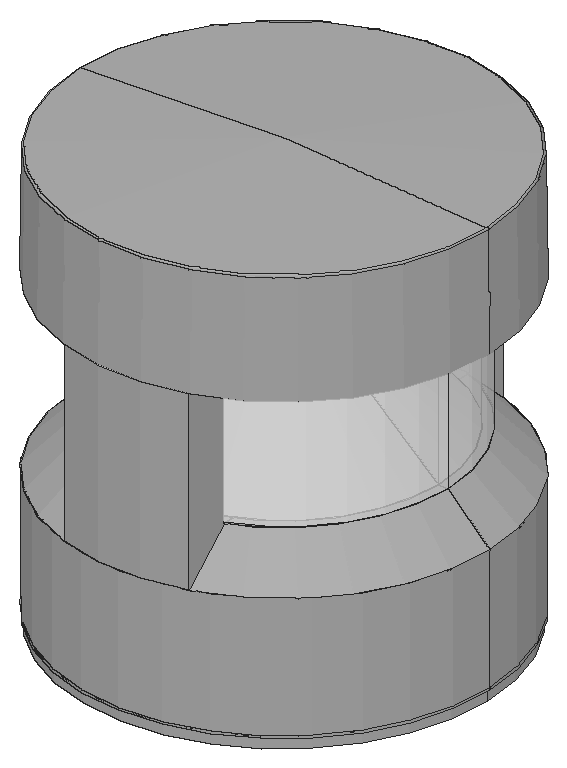
Revit family "Platek_Menhir_2_Openings", category Apparecchi per illuminazione, Revit 2017
Family settings
  Quota connettore circolare = Usa diametro
  Tipo di parte = Normale
  Basato su piano di lavoro = Sì
  Sempre verticale = No
  Taglio con vuoti quando caricato = No
  Sorgente d'illuminazione = No
  Condiviso = Sì
  Punto di calcolo locali = No
Parameters (values of type "4032612_15,3W_LED_3000K_H200mm")
  URL = "www.platek.eu"
  Supply Voltage Min = 220 V
  Supply Voltage Max = 240 V
  Supply Voltage = 230 V
  Default Elevation = 1219.2 mm
  Produttore = "PLATEK SRL"  # constant formula
  Product Page URL = "http://www.platek.eu/ita/catalogo.php?catseaname=menhir"
  Product Documentation Link = "http://www.platek.eu/ita/catalogo.php?catseaname=menhir"
  Product Dimension = "D200mm x H200mm"
  Power Supply Unit = "Included"
  PLK_Photometric = PLK_Photometrics_4032612 : PLK_Photometrics_4032612
  PLATEK FInishes = "Painted Aluminium, Avalaible in Grey/White/Bronze/Black/Anthracite"
  PLATEK Article Code = "4032612"
  Nota chiave = "Other Led colors available on request"
  Mounting Type = "Ground"
  Modello = "MENHIR"  # constant formula
  Manufacturer Comment = "5mmThick PMMA"
  Luminaire Wattage = 15.3 W
  Luminaire Luminous Intensity = 349.7 cd
  Luminaire Luminous Flux = 917 lm
  Light Source = PLK_Light Source
  Lampada = "LED"
  LED Protection = "Surge protection included"
  Insulation Class = "1"
  Immagine tipo = menhir_led_dim1.jpg
  IP Rating = "IP65"
  IK Rating = "IK 08"
  Height1050 = no
  Height620 = no
  Height200 = yes
  Height = if(Height200, 210 mm, if(Height620, 620 mm, if(Height1050, 1050 mm, 210 mm)))  # 210 mm
  Frequency = "50/60 Hz"
  Energy Efficiency Rating = "A/A+/A++"
  Dimmable = "No"
  Diffuse Type = "PMMA"
  Descrizione = "Outdoor Lighting, Floor/Ground Illumination"
  Commenti sul tipo = "Pedestrian areas, Urban zones, Paths, Roads"
  Colour Temperature = 3000 K
  Codice assieme = "4032612.06(Grey); 4032612.08(Anthracite); 4032612.01(Black); 4032612.02(White); 4032612.07(Corten); 4032612.09(Bronze)"
  Carico apparente = 0 VA
  Cable Lenght = "Ø4,5÷10mm"
  CRI = ">80"
  Body = PLK_Grey
  Angolo di inclinazione = 0.00°
  Aluminium = PLK_Aluminium
Types (4, lengths in mm): name | Product Dimension | PLK_Photometric | PLATEK Article Code | Manufacturer Comment | Luminaire Wattage | Luminaire Luminous Intensity | Luminaire Luminous Flux | Insulation Class | Immagine tipo | Height1050 | Height620 | Height200 | Height | Codice assieme | Cable Lenght | Angolo di inclinazione
  (no name) | "D200mm x H200mm" | PLK_Photometrics_4032612 : PLK_Photometrics_4032612 | "4032612" | "5mmThick PMMA" | 15.3 W | 349.7 cd | 917 lm | "1" | menhir_led_dim1.jpg | no | no | yes | 210 | "4032612.06(Grey); 4032612.08(Anthracite); 4032612.01(Black); 4032612.02(White); 4032612.07(Corten); 4032612.09(Bronze)" | "Ø4,5÷10mm" | 0.00°
  4032612_15,3W_LED_3000K_H200mm | "D200mm x H200mm" | PLK_Photometrics_4032612 : PLK_Photometrics_4032612 | "4032612" | "5mmThick PMMA" | 15.3 W | 349.7 cd | 917 lm | "1" | menhir_led_dim1.jpg | no | no | yes | 210 | "4032612.06(Grey); 4032612.08(Anthracite); 4032612.01(Black); 4032612.02(White); 4032612.07(Corten); 4032612.09(Bronze)" | "Ø4,5÷10mm" | 0.00°
  4082612_40,2W_LED_3000K_H1050mm | "D200mm x H800mm" | PLK_Photometrics_4082612 : PLK_Photometrics_4082612 | "4082612" | "4mm Thick PMMA" | 40.2 W | 954 cd | 2501 lm | "2" | menhir_led_dim3.jpg | yes | no | no | 1050 | "4082612.06(Grey); 4082612.08(Anthracite); 4082612.01(Black);  4082612.01(Black);  4082612.02(White);  4082612.07(Corten);  4082612.09(Bronze)" | "1,5m (3x1mm^2)" | 90.00°
  4052612_20,3W_LED_3000K_H620mm | "D200mm x H620mm" | PLK_Photometrics_4052612 : PLK_Photometrics_4052612 | "4052612" | "4mm Thick PMMA" | 20.3 W | 474 cd | 1242 lm | "1" | menhir_led_dim2.jpg | no | yes | no | 620 | "4052612.06(Grey); 4052612.08(Anthracite); 4052612.01(Black); 4052612.02(White); 4052612.07(Corten); 4052612.09(Bronze)" | "1m (3x1mm^2)" | 90.00°
Reference planes
  plane 1 "Centro (Fronte/Retro)": y = 0
  plane 2: z = 0
  plane 3 "Centro (Sinistra/Destra)": x = 0
  plane 4: x = -100
  plane 5: x = 100
  plane 6: x = -99
  plane 7: x = 98.969
  plane 8: z = 5
  plane 9: z = 6.156
  plane 10: z = 65.862
  plane 11: z = 85.656
  plane 12: z = 151.156
  plane 13: z = 210
  plane 14: x = -75.206
  plane 15: x = 74.794
  plane 16: y = 74.794
  plane 17: y = -74.794
  plane 18: x = -30.215
  plane 19: x = 29.714
  plane 20: z = 146.156
  plane 21: x = -5
  plane 22: x = -80
  plane 23: y = -100
  plane 24: y = 100
Forms (mm)
  Extrusion 1, solid, material "PLK_Grey" <- "Body", detail levels fine
    sketch origin (0, 0, 100) x (-1, 0, 0) y (0, -1, 0)
      loop
        circle (0, 0) r 98.969
    from -100 to -95
  Extrusion 2, solid, material "PLK_Grey" <- "Body", detail levels fine
    sketch origin (0, 0, 100) x (-1, 0, 0) y (0, -1, 0)
      loop
        circle (0, 0) r 100
    from -95 to -93.844
  Extrusion 3, solid, material "PLK_Grey" <- "Body", detail levels medium+fine
    sketch origin (0, 0, 100) x (-1, 0, 0) y (0, -1, 0)
      loop
        circle (0, 0) r 100
    from -93.844 to -34.138
  Revolve 4, solid, material "PLK_Grey" <- "Body", detail levels fine
    sketch origin (0, 0, 0) x (1, 0, 0) y (0, 0, 1)
      loop
        line (-100, 65.862) -> (0, 65.862) -> (0, 210) -> (-98.563, 205.697)
        arc (-98.563, 205.697) -> (-99.13, 205.462) -> (-99.364, 204.896) r 0.801
        line (-99.364, 204.896) -> (-100, 151.156) -> (-100, 65.862)
      axis (0, 210) -> (0, 65.862)
    angle from 0 to 360
  Extrusion 5, void, detail levels fine
    sketch origin (0, 0, 0) x (1, 0, 0) y (0, 0, 1)
      loop
        line (-30.215, 151.156) -> (-100, 151.156) -> (-100, 65.862) -> (-30.215, 65.862) -> (-30.215, 151.156)
    from -104.521 to 108.919
  Extrusion 6, void, detail levels fine
    sketch origin (0, 0, 0) x (-1, 0, 0) y (0, 0, -1)
      loop
        line (-30.215, -151.156) -> (-30.215, -65.862) -> (-100, -65.862) -> (-100, -151.156) -> (-30.215, -151.156)
    from -104.521 to 108.919
  Revolve 7, solid, material "PLK_Grey" <- "Body", detail levels fine
    sketch origin (0, 0, 0) x (1, 0, 0) y (0, 0, 1)
      loop
        line (0, 85.656) -> (-80.206, 85.656) -> (-100, 65.862) -> (0, 65.862) -> (0, 85.656)
      axis (0, 85.656) -> (0, 65.862)
    angle from 0 to 360
  Extrusion 8, void
    sketch origin (0, 0, 100) x (-1, 0, 0) y (0, -1, 0)
      loop
        line (100, -74.794) -> (100, 74.794) -> (-100, 74.794) -> (-100, -74.794) -> (100, -74.794)
    from -14.344 to 51.156
  Revolve 9, solid, material "PLK_Aluminium" <- "Aluminium", detail levels fine
    sketch origin (0, 0, 0) x (1, 0, 0) y (0, 0, 1)
      loop
        line (0, 146.156) -> (-5, 146.156) -> (-75.206, 85.656) -> (0, 85.656) -> (0, 146.156)
      axis (0, 146.156) -> (0, 85.656)
    angle from 0 to 360
  Revolve 10, solid, material "PLK_Light Source" <- "Light Source", detail levels fine
    sketch origin (0, 0, 0) x (1, 0, 0) y (0, 0, 1)
      loop
        line (-80, 151.156) -> (-80, 85.656) -> (-75.206, 85.656) -> (-75.206, 151.156) -> (-80, 151.156)
      axis (0, 151.156) -> (0, 85.656)
    angle from 0 to 360
  Extrusion 11, solid, material "PLK_Grey" <- "Body", detail levels medium
    sketch origin (0, 0, 100) x (-1, 0, 0) y (0, -1, 0)
      loop
        circle (0, 0) r 100
    from -100 to -93.844
  Extrusion 12, solid, material "PLK_Grey" <- "Body", detail levels medium
    sketch origin (0, 0, 100) x (-1, 0, 0) y (0, -1, 0)
      loop
        circle (0, 0) r 100
    from -34.138 to 110
  Extrusion 13, solid, material "PLK_Grey" <- "Body", detail levels coarse
    sketch origin (0, 0, 100) x (-1, 0, 0) y (0, -1, 0)
      loop
        circle (0, 0) r 100
    from -100 to 110
Cuts and joins
  Extrusion 5, Extrusion 6 cuts Extrusion 3
  Extrusion 5, Extrusion 6, Extrusion 8 cuts Revolve 4
Dimensions and locks
  plane 4 to plane 6 to plane 14 to plane 3 "Centro (Sinistra/Destra)" to plane 15 to plane 7 to plane 5 = 1 mm locked, 23.794 mm locked, 75.206 mm locked, 74.794 mm locked, 24.175 mm locked, 1.031 mm locked
  equal spacing: plane 17, plane 1 "Centro (Fronte/Retro)", plane 16, locked at 74.794 each
  locked: plane 3 "Centro (Sinistra/Destra)" to plane 21 at 5
  locked: plane 12 to plane 20 at 5
  locked: plane 13 to plane 12 at 58.844
  locked: plane 20 to plane 11 at 60.5
  locked: plane 11 to plane 10 at 19.794
  locked: plane 10 to plane 9 at 59.706
  plane 9 to plane 8 = 1.156 mm
  locked: plane 8 to level at 5
  "Height": plane 13 to level
  equal spacing: plane 24, plane 1 "Centro (Fronte/Retro)", plane 23, locked at 100 each
  radius of Extrusion 1 sketch curve = 98.969 mm
  radius of Extrusion 2 sketch curve = 100 mm
  radius of Extrusion 3 sketch curve = 100 mm
  radius of Extrusion 11 sketch curve = 100 mm
  radius of Extrusion 12 sketch curve = 100 mm
  radius of Extrusion 13 sketch curve = 100 mm
  aligned and locked: level to plane 2
  aligned and locked: Extrusion 1 to level
  aligned and locked: plane 8 to Extrusion 1
  aligned and locked: Extrusion 2 to plane 8
  aligned and locked: plane 9 to Extrusion 2
  aligned and locked: Extrusion 3 to plane 9
  aligned and locked: plane 10 to Extrusion 3
  aligned and locked: Revolve 4 sketch curve to plane 3 "Centro (Sinistra/Destra)"
  aligned and locked: plane 12 to Extrusion 5 sketch curve
  aligned and locked: plane 18 to Extrusion 5 sketch curve
  aligned and locked: Extrusion 5 sketch curve to plane 10
  aligned and locked: Extrusion 5 sketch curve to plane 4
  aligned and locked: plane 12 to cut or joined group of Revolve 4, Extrusion 5, Extrusion 6, Extrusion 8  (x2)
  aligned and locked: cut or joined group of Revolve 4, Extrusion 5, Extrusion 6, Extrusion 8 to plane 10  (x2)
  aligned and locked: Revolve 7 sketch curve to plane 3 "Centro (Sinistra/Destra)"
  aligned and locked: plane 16 to Extrusion 8 sketch curve
  aligned and locked: plane 4 to Extrusion 8 sketch curve
  aligned and locked: plane 17 to Extrusion 8 sketch curve
  aligned and locked: plane 5 to cut or joined group of Revolve 4, Extrusion 5, Extrusion 6, Extrusion 8
  aligned and locked: cut or joined group of Revolve 4, Extrusion 5, Extrusion 6, Extrusion 8 to plane 11
  aligned and locked: Revolve 9 sketch curve to plane 3 "Centro (Sinistra/Destra)"
  aligned and locked: Revolve 9 to plane 11
  aligned and locked: Revolve 9 to plane 20
  aligned and locked: Revolve 10 sketch curve to plane 12
  aligned and locked: Revolve 10 sketch curve to plane 22
  aligned and locked: Revolve 9 to Revolve 10 sketch curve
  aligned and locked: Revolve 10 sketch curve to plane 14
  aligned and locked: Revolve 10 sketch curve to cut or joined group of Extrusion 3, Extrusion 5, Extrusion 6
  aligned and locked: Revolve 7 to plane 11
  aligned and locked: Revolve 7 to plane 10
  aligned and locked: Extrusion 11 to level
  aligned and locked: plane 9 to Extrusion 11
  aligned and locked: plane 13 to Extrusion 12
  aligned and locked: Extrusion 12 to plane 10
  aligned and locked: Extrusion 13 to level
  aligned and locked: plane 13 to Extrusion 13
  aligned and locked: plane 23 to nested 1
  aligned and locked: plane 12 to nested 1
  aligned and locked: plane 24 to nested 2
  aligned and locked: plane 3 "Centro (Sinistra/Destra)" to nested 2
  aligned and locked: plane 12 to nested 2
Automatic sketch dimensions
  plane 1 "Centro (Fronte/Retro)" to Extrusion 1 sketch curve = 0 mm
  Extrusion 1 sketch curve to plane 3 "Centro (Sinistra/Destra)" = 0 mm
  plane 1 "Centro (Fronte/Retro)" to Extrusion 2 sketch curve = 0 mm
  Extrusion 2 sketch curve to plane 3 "Centro (Sinistra/Destra)" = 0 mm
  plane 1 "Centro (Fronte/Retro)" to Extrusion 3 sketch curve = 0 mm
  Extrusion 3 sketch curve to plane 3 "Centro (Sinistra/Destra)" = 0 mm
  Revolve 4 sketch curve to plane 4 = 0 mm
  Revolve 4 sketch curve to plane 3 "Centro (Sinistra/Destra)" = 0 mm
  plane 10 to Revolve 4 sketch curve = 0 mm
  Revolve 4 sketch curve to plane 12 = 0 mm
  Revolve 4 sketch curve to plane 13 = 0 mm
  Revolve 4 sketch curve to plane 6 = 0.364 mm
  plane 6 to Revolve 4 sketch curve = 0.437 mm
  Revolve 4 sketch curve to plane 13 = 5.104 mm
  plane 9 to Revolve 4 sketch curve = 27.826 mm
  Revolve 4 sketch curve to Revolve 4 sketch curve = 43.982 mm
  Extrusion 6 sketch curve to plane 5 = 0 mm
  Extrusion 6 sketch curve to plane 10 = 0 mm
  plane 12 to Extrusion 6 sketch curve = 0 mm
  Extrusion 6 sketch curve to plane 19 = 0.5 mm
  plane 4 to Revolve 7 sketch curve = 0 mm
  Revolve 7 sketch curve to plane 11 = 0 mm
  Revolve 7 sketch curve to plane 3 "Centro (Sinistra/Destra)" = 0 mm
  plane 10 to Revolve 7 sketch curve = 0 mm
  Revolve 7 sketch curve to plane 14 = 5 mm
  Revolve 7 sketch curve to level = 7.204 mm
  Revolve 7 sketch curve to plane 13 = 20 mm
  plane 15 to Extrusion 8 sketch curve = 25.206 mm
  plane 11 to Revolve 9 sketch curve = 0 mm
  plane 14 to Revolve 9 sketch curve = 0 mm
  Revolve 9 sketch curve to plane 20 = 0 mm
  Revolve 9 sketch curve to plane 21 = 0 mm
  Revolve 9 sketch curve to plane 3 "Centro (Sinistra/Destra)" = 0 mm
  Revolve 9 sketch curve to level = 34.035 mm
  plane 13 to Revolve 9 sketch curve = 96.156 mm
  Revolve 10 sketch curve to plane 3 "Centro (Sinistra/Destra)" = 0 mm
  plane 12 to Revolve 10 sketch curve = 4.079 mm
  plane 1 "Centro (Fronte/Retro)" to Extrusion 11 sketch curve = 0 mm
  Extrusion 11 sketch curve to plane 3 "Centro (Sinistra/Destra)" = 0 mm
  plane 1 "Centro (Fronte/Retro)" to Extrusion 12 sketch curve = 0 mm
  Extrusion 12 sketch curve to plane 3 "Centro (Sinistra/Destra)" = 0 mm
  plane 1 "Centro (Fronte/Retro)" to Extrusion 13 sketch curve = 0 mm
  Extrusion 13 sketch curve to plane 3 "Centro (Sinistra/Destra)" = 0 mm
Nested families
  nested 1: "PLK_Photometrics_4032612" at (0, -100, 151.156), type <- "PLK_Photometric", type "PLK_Photometrics_4032612"
  nested 2: "PLK_Photometrics_4032612" at (0, 100, 151.156), type <- "PLK_Photometric", type "PLK_Photometrics_4032612"
Connectors
  electrical at (0, 0, 0)
    settings: on Extrusion 1, index 1, voltage 0 V, apparent load 0 VA, apparent load phase1 0 VA, apparent load phase2 0 VA, apparent load phase3 0 VA, power factor 1, load classification "Altro", number of poles 1, system type 31, power factor state 1, is connector primary yes, connector utility no, sub classification motor no, connector description ""
Definition of nested family "PLK_Photometrics_4032612"
  Parameters (values of type "PLK_Photometrics_4032612")
    Wattage = 3.0833 W
    Emit Shape Visible in Rendering = no
    built-in parameter 1150110 = 1 (stored number, unit not read)
    Photometric Web File = "4032612.IES"
    built-in parameter 1114217 = 1 (stored number, unit not read)
    built-in parameter 1150109 = 1 (stored number, unit not read)
    Emit from Rectangle Length = 1 mm
    Emit from Rectangle Width = 1 mm
    built-in parameter 1150134 = (empty or 0)
    built-in parameter 1150113 = 1 (stored number, unit not read)
    Lumens = 458 lm
    built-in parameter 1150115 = 1 (stored number, unit not read)
    built-in parameter 1150105 = 36.446 (stored number, unit not read)
    built-in parameter 1150137 = (empty or 0)
    built-in parameter 1150139 = (empty or 0)
    built-in parameter 1150112 = 1 (stored number, unit not read)
    built-in parameter 1150114 = 1 (stored number, unit not read)
    built-in parameter 1150132 = 2
    built-in parameter 1150102 = (empty or 0)
    built-in parameter 1150138 = (empty or 0)
    built-in parameter 1150107 = 3000 (stored number, unit not read)
    built-in parameter 1150106 = 0.36446 (stored number, unit not read)
    built-in parameter 1150104 = 13.8 (stored number, unit not read)
    Dimming Lamp Color Temperature Shift = (empty or 0)
    Color Filter = 16777215
    built-in parameter 1114218 = 1 (stored number, unit not read)
    Tilt Angle = 90.00°
    built-in parameter 1150133 = 10 (stored number, unit not read)
  Reference planes
    plane 1 "Asse sorgente illuminazione (F/B)": y = 0
    plane 2: z = 0
    plane 3 "Asse sorgente illuminazione (L/R)": x = 0
    plane 4 "Prospetto sorgente di illuminazione": z = 0
  Dimensions and locks
    aligned and locked: plane 3 "Asse sorgente illuminazione (L/R)" to imposter light
    aligned and locked: plane 1 "Asse sorgente illuminazione (F/B)" to imposter light
    aligned and locked: plane 4 "Prospetto sorgente di illuminazione" to imposter light
    aligned and locked: level to plane 2
